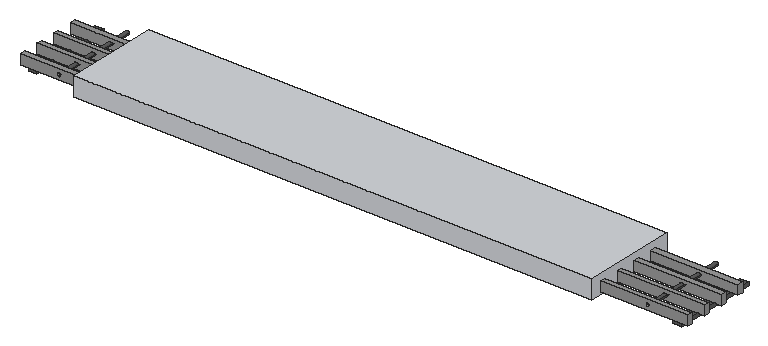
Revit family "1212-4, Veneer", category Generic Models, host Face, Revit 2020
Family settings
  Host = Face
  Can host rebar = No
  Round Connector Dimension = Use Diameter
  Part Type = Normal
  Cut with Voids When Loaded = No
  Shared = No
  Room Calculation Point = No
Parameters
  min_value [instance] = 1' - 11 1/4"  # constant formula
  max_value [instance] = 9' - 11 1/4"  # constant formula
  actual_value [instance] = if(NET LENGTH < min_value, min_value, if(NET LENGTH > max_value, max_value, NET LENGTH))  # 7' - 11 1/4"
  NET LENGTH [instance] = 7' - 11 1/4"
  IMPORTANT NOTE!!!                                                                             *Backer & dowel layout is for visualization purposes only, final layout to be determined by 9Wood. [instance] = ""
  Default Elevation = 4' - 0"
  DOWEL RADIUS [instance] = 0' - 0 1/4"  # constant formula
  BACKING M MATERIAL [instance] = BLACK-BACKERS
  .. MEMBER WIDTH [instance] = 0' - 0 3/4"  # constant formula
  .. MEMBER MATERIAL [instance] = Veneer Cherry
  .. MEMBER DEPTH [instance] = 0' - 1 3/8"  # constant formula
  .. MEMBER COUNT [instance] = 4  # constant formula
Reference planes (in)
  plane 1 "Center (Front/Back)": y = 0
  plane 2: z = 2.726
  plane 3 "Center (Left/Right)": x = 0
Forms (in)
  Extrusion 1, solid
    sketch origin (15, -0.86619, -0.99308) x (0, 1, 0) y (-1, 0, 0)
      loop
        line (3.42869, -23.66817) -> (3.42869, 50.25) -> (-10, 50.25) -> (-10, -23.66817) -> (3.42869, -23.66817)
    from 3.71908 to 1.00111
Dimensions and locks (in)
  aligned and locked: plane 2 to Extrusion 1
Nested families (in)
  nested 1: "1200 Series" at (-44, -2, 1.87867), NET LENGTH <- "actual_value", DOWEL RADII <- "DOWEL RADIUS", .. MEMBER WIDTH <- ".. MEMBER WIDTH", .. MEMBER DEPTH <- ".. MEMBER DEPTH", .. MEMBER MATERIAL <- ".. MEMBER MATERIAL", BACKING M MATERIAL <- "BACKING M MATERIAL", .. MEMBER COUNT <- ".. MEMBER COUNT", type "1200 Series"
    with X 7' - 4", WIDTH 1' - 0 1/16", Space 0' - 0 11/16", START 0' - 0 3/8", SCRIM MATERIAL SCRIM, SCRIM 3 8' - 1", SCRIM 2 0' - 0 7/8", SCRIM 1 0' - 0 3/32", SCRIM yes, NET LENGTH 7' - 11 1/4", N 8, INSET 3 0' - 0 3/16", INSET 0' - 1", INDEX 0' - 5 5/8", END BACKER yes, DOWEL RADII 0' - 0 1/4", DOWEL COUNT 8, BACKING M WIDTH 0' - 1 1/4", BACKING M MATERIAL BLACK-BACKERS, BACKING M LENGTH 0' - 11 7/8", BACKING M DEPTH 0' - 0 1/2", .. MEMBER WIDTH 0' - 0 3/4", .. MEMBER OC TYP 0' - 3", .. MEMBER MATERIAL Veneer Cherry, .. MEMBER DEPTH 0' - 1 3/8", .. MEMBER COUNT 4
Definition of nested family "1200 Series"
  Parameters (values of type "1200 Series")
    X [instance] = NET LENGTH - (0' 3 5/8" * 2)  # 6' - 2"
    WIDTH [instance] = 1' - 0 1/16"
    Space [instance] = 0' - 0 11/16"  # constant formula
    START [instance] = .. MEMBER WIDTH / 2  # 0' - 0 3/8"
    SCRIM MATERIAL [instance] = none
    SCRIM 3 [instance] = NET LENGTH + (SCRIM 2 * 2)  # 6' - 11"
    SCRIM 2 [instance] = 0' - 0 7/8"
    SCRIM 1 [instance] = 0' - 0 3/32"
    SCRIM [instance] = yes
    NET LENGTH [instance] = 6' - 9 1/4"
    N [instance] = if((X - (rounddown(X / 1' 0") * 1' 0")) > 1' 0", rounddown(X / 1' 0") + 2, rounddown(X / 1' 0") + 1)  # 7
    INSET 3 [instance] = 0' - 0 3/16"
    INSET [instance] = 0' - 1"
    INDEX [instance] = (NET LENGTH - ((N - 1) * 1' 0")) / 2  # 0' - 4 5/8"
    END BACKER [instance] = yes
    Default Elevation = 0' - 0"
    DOWEL RADII [instance] = 0' - 0 1/4"
    DOWEL COUNT [instance] = N  # 7
    BACKING M WIDTH [instance] = 0' - 1 1/4"
    BACKING M MATERIAL [instance] = none
    BACKING M LENGTH [instance] = 0' - 11 7/8"
    BACKING M DEPTH [instance] = 0' - 0 1/2"
    .. MEMBER WIDTH [instance] = 0' - 0 3/4"
    .. MEMBER OC TYP [instance] = 1' 0" / .. MEMBER COUNT  # 0' - 3"
    .. MEMBER MATERIAL [instance] = none
    .. MEMBER DEPTH [instance] = 0' - 1 3/8"
    .. MEMBER COUNT [instance] = 4
  Reference planes (in)
    plane 1 "Center (Front/Back)": y = -7.5
    plane 2: z = 0
    plane 3 "Center (Left/Right)": x = 0
    plane 4: x = 1
    plane 5: x = 4.625
    plane 6: x = 81.25
    plane 7: x = 80.25
    plane 8: x = 16.625
    plane 9: y = -7.3125
    plane 10: y = -4.125
    plane 11: y = -7.125
    plane 12: y = 4.5625
    plane 13: y = -4.5
    plane 14: y = -7.59375
    plane 15: x = 82.125
    plane 16: y = 4.65625
    plane 17: x = -0.875
    plane 18: z = -1.375
    plane 19: z = -0.6875
  Lines and regions (in)
    model lines
      curve 1: line (4.375, -7.5, -0.6875) -> (4.875, -7.5, -0.6875)
    model lines, not visible
      curve 2: line (4.625, -7.5, -0.9375) -> (4.625, -7.5, -0.4375)
      curve 3: line (4.375, -7.5, -0.6875) -> (4.875, -7.5, -0.6875)
      curve 4: line (16.625, -7.5, -0.9375) -> (16.625, -7.5, -0.4375)
      curve 5: line (16.375, -7.5, -0.6875) -> (16.875, -7.5, -0.6875)
      curve 6: line (28.625, -7.5, -0.9375) -> (28.625, -7.5, -0.4375)
      curve 7: line (28.375, -7.5, -0.6875) -> (28.875, -7.5, -0.6875)
      curve 8: line (40.625, -7.5, -0.9375) -> (40.625, -7.5, -0.4375)
      curve 9: line (40.375, -7.5, -0.6875) -> (40.875, -7.5, -0.6875)
      curve 10: line (52.625, -7.5, -0.9375) -> (52.625, -7.5, -0.4375)
      curve 11: line (52.375, -7.5, -0.6875) -> (52.875, -7.5, -0.6875)
      curve 12: line (64.625, -7.5, -0.9375) -> (64.625, -7.5, -0.4375)
      curve 13: line (64.375, -7.5, -0.6875) -> (64.875, -7.5, -0.6875)
      curve 14: line (76.625, -7.5, -0.9375) -> (76.625, -7.5, -0.4375)
      curve 15: line (76.375, -7.5, -0.6875) -> (76.875, -7.5, -0.6875)
  Dimensions and locks (in)
    "NET LENGTH": plane 3 "Center (Left/Right)" to plane 6
    "INSET": plane 7 to plane 6
    "INDEX": plane 3 "Center (Left/Right)" to plane 5
    plane 5 to plane 8 = 1' - 0"
    "INSET 3": plane 1 "Center (Front/Back)" to plane 9
    equal spacing: group 1, group 2, group 3, group 4  (x3)
    "START": plane 11 to plane 1 "Center (Front/Back)"
    ".. MEMBER OC TYP": plane 10 to plane 11
    "WIDTH": plane 12 to plane 1 "Center (Front/Back)"
    "START": plane 10 to plane 13
    "SCRIM 1": plane 14 to plane 1 "Center (Front/Back)"
    "SCRIM 2": plane 6 to plane 15
    "SCRIM 1": plane 12 to plane 16
    "SCRIM 2": plane 17 to plane 3 "Center (Left/Right)"
    "INSET": plane 3 "Center (Left/Right)" to plane 4
    equal spacing: group 5, group 6, group 7, group 8, group 9, group 10, group 11  (x3)
    "Space": plane 19 to plane 18
    aligned and locked: level to plane 2
    aligned and locked: nested 1 to plane 4  (x2)
    aligned and locked: plane 7 to nested 2
    aligned and locked: plane 5 to nested 3
    aligned and locked: nested 1 to plane 9
    aligned and locked: plane 1 "Center (Front/Back)" to nested 4
    aligned and locked: plane 9 to nested 2
    aligned and locked: plane 13 to nested 5
    aligned and locked: nested 3 to plane 9
    aligned and locked: plane 18 to nested 1
    aligned and locked: plane 19 to nested 3
    aligned and locked: curve 1 to plane 19
    aligned and locked: plane 8 to curve 4
    aligned and locked: curve 5 to plane 19
    aligned and locked: nested 4 to plane 18
  Automatic sketch dimensions
    curve 1 to curve 1 = 0' - 0 1/2"
    curve 1 to plane 5 = 0' - 0 1/4"
    plane 5 to curve 1 = 0' - 0 1/4"
    curve 3 to curve 2 = 0' - 0 1/4"  (x2)
    curve 2 to curve 3 = 0' - 0 1/4"  (x2)
    curve 5 to curve 4 = 0' - 0 1/4"  (x2)
    curve 4 to curve 5 = 0' - 0 1/4"  (x2)
    curve 7 to curve 6 = 0' - 0 1/4"  (x2)
    curve 6 to curve 7 = 0' - 0 1/4"  (x2)
    curve 9 to curve 8 = 0' - 0 1/4"  (x2)
    curve 8 to curve 9 = 0' - 0 1/4"  (x2)
    curve 11 to curve 10 = 0' - 0 1/4"  (x2)
    curve 10 to curve 11 = 0' - 0 1/4"  (x2)
    curve 13 to curve 12 = 0' - 0 1/4"  (x2)
    curve 12 to curve 13 = 0' - 0 1/4"  (x2)
    curve 15 to curve 14 = 0' - 0 1/4"  (x2)
    curve 14 to curve 15 = 0' - 0 1/4"  (x2)
  Nested families (in)
    nested 1: "INSTANCE - 2ND -  EXTEND SIDE H CENTER W - Parametric Cube" at (1, -1.375, -1.375) x (0, -1, 0) z (0, 0, 1), Width <- "BACKING M LENGTH", Length <- "BACKING M WIDTH", Material <- "BACKING M MATERIAL", Height <- "BACKING M DEPTH", visible <- "END BACKER", type "INSTANCE - 2ND -  EXTEND SIDE H CENTER W - Parametric Cube"
      with Width 0' - 11 7/8", Material none, Length 0' - 1 1/4", Height 0' - 0 1/2"
    nested 2: "INSTANCE - 2ND -  EXTEND SIDE H CENTER W - Parametric Cube" at (80.25, -1.375, -1.375) x (0, -1, 0) z (0, 0, 1), Width <- "BACKING M LENGTH", Length <- "BACKING M WIDTH", Material <- "BACKING M MATERIAL", Height <- "BACKING M DEPTH", visible <- "END BACKER", type "INSTANCE - 2ND -  EXTEND SIDE H CENTER W - Parametric Cube"
      with Width 0' - 11 7/8", Material none, Length 0' - 1 1/4", Height 0' - 0 1/2"
    nested 3: "Family3" at (-5.375, -7.3125, -0.6875), DOWEL RADII <- "DOWEL RADII", BACKING MEM MATERIAL <- "BACKING M MATERIAL", type "Family3"
      with DOWEL RADII 0' - 0 1/4", DOWEL LENGTH 0' - 11 7/8", BACKING MEM MATERIAL none
    nested 4: "HOLED MEMBER" at (0, -18.75, 6.19404), DOWEL RADII <- "DOWEL RADII", .. MEMBER LENGTH <- "NET LENGTH", DOWEL COUNT <- "DOWEL COUNT", DEPTH <- ".. MEMBER DEPTH", .. MEMBER WIDTH <- ".. MEMBER WIDTH", Material <- ".. MEMBER MATERIAL", DOWEL INDEX <- "INDEX", Space 2 <- "Space", type "HOLED MEMBER"
      with Width 0' - 6", Space 2 0' - 0 11/16", Material none, Length 1' - 0", Height 0' - 10.43096", DOWEL RADII 0' - 0 1/4", DOWEL OC DIST 1' - 0", DOWEL INDEX 0' - 4 5/8", DOWEL COUNT 7, DEPTH 0' - 1 3/8", .. MEMBER WIDTH 0' - 0 3/4", .. MEMBER LENGTH 6' - 9 1/4"
    nested 5: "HOLED MEMBER" at (0, -15.75, 6.19404), DOWEL RADII <- "DOWEL RADII", .. MEMBER LENGTH <- "NET LENGTH", DOWEL COUNT <- "DOWEL COUNT", DEPTH <- ".. MEMBER DEPTH", .. MEMBER WIDTH <- ".. MEMBER WIDTH", Material <- ".. MEMBER MATERIAL", DOWEL INDEX <- "INDEX", Space 2 <- "Space", type "HOLED MEMBER"
      with Width 0' - 6", Space 2 0' - 0 11/16", Material none, Length 1' - 0", Height 0' - 10.43096", DOWEL RADII 0' - 0 1/4", DOWEL OC DIST 1' - 0", DOWEL INDEX 0' - 4 5/8", DOWEL COUNT 7, DEPTH 0' - 1 3/8", .. MEMBER WIDTH 0' - 0 3/4", .. MEMBER LENGTH 6' - 9 1/4"
    nested 6: "HOLED MEMBER" at (0, -12.75, 6.19404), DOWEL RADII <- "DOWEL RADII", .. MEMBER LENGTH <- "NET LENGTH", DOWEL COUNT <- "DOWEL COUNT", DEPTH <- ".. MEMBER DEPTH", .. MEMBER WIDTH <- ".. MEMBER WIDTH", Material <- ".. MEMBER MATERIAL", DOWEL INDEX <- "INDEX", Space 2 <- "Space", type "HOLED MEMBER"
      with Width 0' - 6", Space 2 0' - 0 11/16", Material none, Length 1' - 0", Height 0' - 10.43096", DOWEL RADII 0' - 0 1/4", DOWEL OC DIST 1' - 0", DOWEL INDEX 0' - 4 5/8", DOWEL COUNT 7, DEPTH 0' - 1 3/8", .. MEMBER WIDTH 0' - 0 3/4", .. MEMBER LENGTH 6' - 9 1/4"
    nested 7: "HOLED MEMBER" at (0, -9.75, 6.19404), DOWEL RADII <- "DOWEL RADII", .. MEMBER LENGTH <- "NET LENGTH", DOWEL COUNT <- "DOWEL COUNT", DEPTH <- ".. MEMBER DEPTH", .. MEMBER WIDTH <- ".. MEMBER WIDTH", Material <- ".. MEMBER MATERIAL", DOWEL INDEX <- "INDEX", Space 2 <- "Space", type "HOLED MEMBER"
      with Width 0' - 6", Space 2 0' - 0 11/16", Material none, Length 1' - 0", Height 0' - 10.43096", DOWEL RADII 0' - 0 1/4", DOWEL OC DIST 1' - 0", DOWEL INDEX 0' - 4 5/8", DOWEL COUNT 7, DEPTH 0' - 1 3/8", .. MEMBER WIDTH 0' - 0 3/4", .. MEMBER LENGTH 6' - 9 1/4"
    nested 8: "Family3" at (6.625, -7.3125, -0.6875), DOWEL RADII <- "DOWEL RADII", BACKING MEM MATERIAL <- "BACKING M MATERIAL", type "Family3"
      with DOWEL RADII 0' - 0 1/4", DOWEL LENGTH 0' - 11 7/8", BACKING MEM MATERIAL none
    nested 9: "Family3" at (18.625, -7.3125, -0.6875), DOWEL RADII <- "DOWEL RADII", BACKING MEM MATERIAL <- "BACKING M MATERIAL", type "Family3"
      with DOWEL RADII 0' - 0 1/4", DOWEL LENGTH 0' - 11 7/8", BACKING MEM MATERIAL none
    nested 10: "Family3" at (30.625, -7.3125, -0.6875), DOWEL RADII <- "DOWEL RADII", BACKING MEM MATERIAL <- "BACKING M MATERIAL", type "Family3"
      with DOWEL RADII 0' - 0 1/4", DOWEL LENGTH 0' - 11 7/8", BACKING MEM MATERIAL none
    nested 11: "Family3" at (42.625, -7.3125, -0.6875), DOWEL RADII <- "DOWEL RADII", BACKING MEM MATERIAL <- "BACKING M MATERIAL", type "Family3"
      with DOWEL RADII 0' - 0 1/4", DOWEL LENGTH 0' - 11 7/8", BACKING MEM MATERIAL none
    nested 12: "Family3" at (54.625, -7.3125, -0.6875), DOWEL RADII <- "DOWEL RADII", BACKING MEM MATERIAL <- "BACKING M MATERIAL", type "Family3"
      with DOWEL RADII 0' - 0 1/4", DOWEL LENGTH 0' - 11 7/8", BACKING MEM MATERIAL none
    nested 13: "Family3" at (66.625, -7.3125, -0.6875), DOWEL RADII <- "DOWEL RADII", BACKING MEM MATERIAL <- "BACKING M MATERIAL", type "Family3"
      with DOWEL RADII 0' - 0 1/4", DOWEL LENGTH 0' - 11 7/8", BACKING MEM MATERIAL none
  Definition of nested family "INSTANCE - 2ND -  EXTEND SIDE H CENTER W - Parametric Cube"
    Parameters (values of type "INSTANCE - 2ND -  EXTEND SIDE H CENTER W - Parametric Cube")
      Width [instance] = 0' - 6"
      Material [instance] = none
      Length [instance] = 1' - 0"
      Height [instance] = 1' - 6"
      Default Elevation = 0' - 0"
    Reference planes (in)
      plane 1 "Center (Front/Back)": y = 0
      plane 2: z = 0
      plane 3 "Center (Left/Right)": x = 0
      plane 4: x = -3
      plane 5: x = 3
      plane 6: y = 12
      plane 7: z = -18
    Forms (in)
      Extrusion 1, solid, material <- "Material"
        sketch origin (0, 6, 0) x (1, 0, 0) y (0, 1, 0)
          loop
            line (-3, 6) -> (-3, -6) -> (3, -6) -> (3, 6) -> (-3, 6)
        from -18 to 0
    Dimensions and locks (in)
      equal spacing: plane 4, plane 3 "Center (Left/Right)", plane 5
      "Width": plane 4 to plane 5
      "Height": plane 7 to level
      "Length": plane 1 "Center (Front/Back)" to plane 6
      aligned and locked: plane 2 to level
      aligned and locked: plane 4 to Extrusion 1 sketch curve
      aligned and locked: Extrusion 1 sketch curve to plane 5
      aligned and locked: Extrusion 1 to plane 7
      aligned and locked: plane 6 to Extrusion 1
    Automatic sketch dimensions
      plane 1 "Center (Front/Back)" to Extrusion 1 sketch curve = 0' - 0"
      plane 6 to Extrusion 1 sketch curve = 0' - 0"
  Definition of nested family "Family3"
    Parameters (values of type "Family3")
      Default Elevation = 0' - 0"
      DOWEL RADII [instance] = 0' - 0 5/8"
      DOWEL LENGTH [instance] = 0' - 5"
      BACKING MEM MATERIAL [instance] = none
    Reference planes (in)
      plane 1 "Center (Front/Back)": y = 0
      plane 2: z = 0
      plane 3 "Center (Left/Right)": x = 0
      plane 4: y = 5
    Forms (in)
      Extrusion 1, solid, material <- "BACKING MEM MATERIAL"
        sketch origin (10, 0, 0) x (1, 0, 0) y (0, 0, 1)
          loop
            circle (0, 0) r 0.625
        from 0 to -5
      Extrusion 2, solid, not visible
        sketch origin (0, 0, 0) x (1, 0, 0) y (0, 0, 1)
          loop
            circle (0, 0) r 0.625
        from 0 to 12
      Extrusion 3, solid, not visible
        sketch origin (10, 0, 0) x (1, 0, 0) y (0, 0, 1)
          loop
            circle (0, 0) r 0.625
        from 0 to 2.5
      Extrusion 4, solid, not visible
        sketch origin (10, 0, 0) x (1, 0, 0) y (0, 0, 1)
          loop
            circle (0, 0) r 0.625
        from 0 to -12
    Lines and regions (in)
      model lines, not visible
        curve 1: line (-13, 0, 0) -> (-13, -12, 0)
        curve 2: line (13, 0, 0) -> (13, -12, 0)
        curve 3: line (9.89453, 0, 0) -> (10.08794, 0, 0)
        curve 4: line (9.89453, -2.5, 0) -> (10.08794, -2.5, 0)
        curve 6: line (10, 0, 0) -> (10, 2, 0)
      model lines
        curve 5: line (10, 0, 0) -> (10, 2, 0)
    Dimensions and locks (in)
      "DOWEL LENGTH": plane 1 "Center (Front/Back)" to plane 4
      "DOWEL RADII": radius of Extrusion 1 sketch curve
      "DOWEL RADII": radius of Extrusion 2 sketch curve
      "DOWEL RADII": radius of Extrusion 3 sketch curve
      "DOWEL RADII": radius of Extrusion 4 sketch curve
      "DOWEL RADII": radius of Extrusion 1
      aligned and locked: plane 2 to level
      aligned and locked: Extrusion 1 to plane 1 "Center (Front/Back)"  (x3)
      aligned and locked: plane 1 "Center (Front/Back)" to Extrusion 1
      aligned and locked: plane 4 to Extrusion 1
    Automatic sketch dimensions
      plane 1 "Center (Front/Back)" to curve 5 = 0' - 0"
      curve 5 to plane 1 "Center (Front/Back)" = 0' - 2"
      plane 3 "Center (Left/Right)" to curve 5 = 0' - 10"
      Extrusion 1 sketch curve to level = 0' - 0"
      plane 3 "Center (Left/Right)" to Extrusion 1 sketch curve = 0' - 10"
  Definition of nested family "HOLED MEMBER"
    Parameters (values of type "HOLED MEMBER")
      Width [instance] = 0' - 6"
      Space 2 [instance] = 0' - 0 5/8"
      Space = 0' - 0 5/8"
      Material [instance] = none
      Length [instance] = 1' - 0"
      Height [instance] = 0' - 10.43096"
      Default Elevation = 0' - 0"
      DOWEL RADII [instance] = 0' - 0.34537"
      DOWEL OC DIST [instance] = 1' - 0"
      DOWEL INSET = 0' - 0 5/8"
      DOWEL INDEX [instance] = 0' - 5 5/8"
      DOWEL COUNT [instance] = 6
      DEPTH [instance] = 0' - 2"
      .. MEMBER WIDTH [instance] = 0' - 0 5/8"
      .. MEMBER LENGTH [instance] = 5' - 11 3/4"
    Reference planes (in)
      plane 1 "Center (Front/Back)": y = 12
      plane 2: z = -7.56904
      plane 3 "Center (Left/Right)": x = 0
      plane 4: x = 5.625
      plane 5: x = 17.625
      plane 6: y = 11.375
      plane 7: x = 71.75
      plane 8: z = -6.94404
      plane 9: z = -5.56904
    Forms (in)
      Extrusion 1, solid, material <- "Material"
        sketch origin (0, 12, -13.56904) x (1, 0, 0) y (0, 0, 1)
          loop
            line (0, 6) -> (71.75, 6) -> (71.75, 8) -> (0, 8) -> (0, 6)
        from 0.625 to 0
      Extrusion 2, void
        sketch origin (0, 12, -18.31904) x (1, 0, 0) y (0, 0, 1)
          loop
            circle (5.625, 11.375) r 0.34537
        from 0 to 12
      Extrusion 3, void, not visible
        sketch origin (0, 1.25, 0) x (1, 0, 0) y (0, 1, 0)
          loop
            circle (5.625, 11.375) r 0.34537
        from 0 to 12
      Extrusion 4, void, not visible
        sketch origin (0, 1.25, 0) x (1, 0, 0) y (0, 1, 0)
          loop
            circle (5.625, 11.375) r 0.34537
        from 0 to 12
      Extrusion 5, void, not visible
        sketch origin (12, 1.25, 0) x (1, 0, 0) y (0, 1, 0)
          loop
            circle (5.625, 11.375) r 0.34537
        from 0 to 12
      Extrusion 6, void, not visible
        sketch origin (0, 12, -16.31904) x (1, 0, 0) y (0, 0, 1)
          loop
            circle (5.625, 11.375) r 0.34537
        from 0 to 12
      Extrusion 7, void, not visible
        sketch origin (12, 12, -16.31904) x (1, 0, 0) y (0, 0, 1)
          loop
            circle (5.625, 11.375) r 0.34537
        from 0 to 12
      Extrusion 8, void, not visible
        sketch origin (0, 12, -18.31904) x (1, 0, 0) y (0, 0, 1)
          loop
            circle (5.625, 11.375) r 0.34537
        from 0 to 12
      Extrusion 9, void
        sketch origin (12, 12, -18.31904) x (1, 0, 0) y (0, 0, 1)
          loop
            circle (5.625, 11.375) r 0.34537
        from 0 to 12
      Extrusion 10, void, not visible
        sketch origin (24, 12, -16.31904) x (1, 0, 0) y (0, 0, 1)
          loop
            circle (5.625, 11.375) r 0.34537
        from 0 to 12
      Extrusion 11, void, not visible
        sketch origin (36, 12, -16.31904) x (1, 0, 0) y (0, 0, 1)
          loop
            circle (5.625, 11.375) r 0.34537
        from 0 to 12
      Extrusion 12, void, not visible
        sketch origin (48, 12, -16.31904) x (1, 0, 0) y (0, 0, 1)
          loop
            circle (5.625, 11.375) r 0.34537
        from 0 to 12
      Extrusion 13, void, not visible
        sketch origin (60, 12, -16.31904) x (1, 0, 0) y (0, 0, 1)
          loop
            circle (5.625, 11.375) r 0.34537
        from 0 to 12
      Extrusion 14, void, not visible
        sketch origin (24, 1.25, 0) x (1, 0, 0) y (0, 1, 0)
          loop
            circle (5.625, 11.375) r 0.34537
        from 0 to 12
      Extrusion 15, void, not visible
        sketch origin (36, 1.25, 0) x (1, 0, 0) y (0, 1, 0)
          loop
            circle (5.625, 11.375) r 0.34537
        from 0 to 12
      Extrusion 16, void, not visible
        sketch origin (48, 1.25, 0) x (1, 0, 0) y (0, 1, 0)
          loop
            circle (5.625, 11.375) r 0.34537
        from 0 to 12
      Extrusion 17, void, not visible
        sketch origin (60, 1.25, 0) x (1, 0, 0) y (0, 1, 0)
          loop
            circle (5.625, 11.375) r 0.34537
        from 0 to 12
      Extrusion 18, void
        sketch origin (24, 12, -18.31904) x (1, 0, 0) y (0, 0, 1)
          loop
            circle (5.625, 11.375) r 0.34537
        from 0 to 12
      Extrusion 19, void
        sketch origin (36, 12, -18.31904) x (1, 0, 0) y (0, 0, 1)
          loop
            circle (5.625, 11.375) r 0.34537
        from 0 to 12
      Extrusion 20, void
        sketch origin (48, 12, -18.31904) x (1, 0, 0) y (0, 0, 1)
          loop
            circle (5.625, 11.375) r 0.34537
        from 0 to 12
      Extrusion 21, void
        sketch origin (60, 12, -18.31904) x (1, 0, 0) y (0, 0, 1)
          loop
            circle (5.625, 11.375) r 0.34537
        from 0 to 12
    Cuts and joins
      Extrusion 2, Extrusion 9, Extrusion 18, Extrusion 19, Extrusion 20, Extrusion 21 cuts Extrusion 1
    Lines and regions (in)
      model lines, not visible
        curve 1: line (5.625, 11.72037, 0) -> (5.625, 11.02963, 0)
        curve 2: line (5.625, 11.72037, 0) -> (5.625, 11.02963, 0)
        curve 3: line (17.625, 11.72037, 0) -> (17.625, 11.02963, 0)
        curve 4: line (5.625, 12, -7.56904) -> (5.625, 11.87317, -7.56904)
        curve 5: line (5.625, 11.87317, -7.56904) -> (5.06195, 11.87317, -7.56904)
        curve 6: line (5.06195, 11.87317, -7.56904) -> (5.27963, 11.375, -7.56904)
        curve 7: line (0, 12, -6.19404) -> (0, 11.61951, -6.19404)
        curve 8: line (0, 11.375, -8.19404) -> (0, 11.6747, -8.19404)
        curve 9: line (5.625, 12, -7.56904) -> (5.625, 11.69863, -7.56904)
        curve 11: line (5.625, 12, 0) -> (5.625, 12, 0.30137)
        curve 12: line (5.625, 12, 0) -> (5.625, 12, 0.30137)
        curve 13: line (17.625, 12, 0) -> (17.625, 12, 0.30137)
        curve 14: line (5.625, 12, -5.56904) -> (5.625, 11.69863, -5.56904)
        curve 15: line (17.625, 12, -5.56904) -> (17.625, 11.69863, -5.56904)
        curve 16: line (5.625, 12, -7.56904) -> (5.625, 11.69863, -7.56904)
        curve 18: line (29.625, 12, -5.56904) -> (29.625, 11.69863, -5.56904)
        curve 19: line (41.625, 12, -5.56904) -> (41.625, 11.69863, -5.56904)
        curve 20: line (53.625, 12, -5.56904) -> (53.625, 11.69863, -5.56904)
        curve 21: line (65.625, 12, -5.56904) -> (65.625, 11.69863, -5.56904)
        curve 22: line (29.625, 11.72037, 0) -> (29.625, 11.02963, 0)
        curve 23: line (29.625, 12, 0) -> (29.625, 12, 0.30137)
        curve 24: line (41.625, 11.72037, 0) -> (41.625, 11.02963, 0)
        curve 25: line (41.625, 12, 0) -> (41.625, 12, 0.30137)
        curve 26: line (53.625, 11.72037, 0) -> (53.625, 11.02963, 0)
        curve 27: line (53.625, 12, 0) -> (53.625, 12, 0.30137)
        curve 28: line (65.625, 11.72037, 0) -> (65.625, 11.02963, 0)
        curve 29: line (65.625, 12, 0) -> (65.625, 12, 0.30137)
        curve 35: line (5.27963, 12.625, 0) -> (5.97037, 12.625, 0)
        curve 36: line (5.27963, 12.625, 0) -> (5.97037, 12.625, 0)
        curve 37: line (17.27963, 12.625, 0) -> (17.97037, 12.625, 0)
        curve 38: line (5.27963, 12, -4.94404) -> (5.97037, 12, -4.94404)
        curve 39: line (17.27963, 12, -4.94404) -> (17.97037, 12, -4.94404)
        curve 40: line (5.27963, 12, -6.94404) -> (5.97037, 12, -6.94404)
        curve 42: line (29.27963, 12, -4.94404) -> (29.97037, 12, -4.94404)
        curve 43: line (41.27963, 12, -4.94404) -> (41.97037, 12, -4.94404)
        curve 44: line (53.27963, 12, -4.94404) -> (53.97037, 12, -4.94404)
        curve 45: line (65.27963, 12, -4.94404) -> (65.97037, 12, -4.94404)
        curve 46: line (29.27963, 12.625, 0) -> (29.97037, 12.625, 0)
        curve 47: line (41.27963, 12.625, 0) -> (41.97037, 12.625, 0)
        curve 48: line (53.27963, 12.625, 0) -> (53.97037, 12.625, 0)
        curve 49: line (65.27963, 12.625, 0) -> (65.97037, 12.625, 0)
        curve 54: line (0, 12, -6.94404) -> (0, 4.22059, -6.94404)
        curve 55: line (0, 12.625, 0) -> (0, 12.625, 7.77941)
        curve 56: line (0, 12.625, 0) -> (0, 12.625, 7.77941)
        curve 57: line (12, 12.625, 0) -> (12, 12.625, 7.77941)
        curve 58: line (0, 12, -4.94404) -> (0, 4.22059, -4.94404)
        curve 59: line (12, 12, -4.94404) -> (12, 4.22059, -4.94404)
        curve 60: line (0, 12, -6.94404) -> (0, 4.22059, -6.94404)
        curve 61: line (12, 12, -6.94404) -> (12, 4.22059, -6.94404)
        curve 62: line (24, 12, -4.94404) -> (24, 4.22059, -4.94404)
        curve 63: line (36, 12, -4.94404) -> (36, 4.22059, -4.94404)
        curve 64: line (48, 12, -4.94404) -> (48, 4.22059, -4.94404)
        curve 65: line (60, 12, -4.94404) -> (60, 4.22059, -4.94404)
        curve 66: line (24, 12.625, 0) -> (24, 12.625, 7.77941)
        curve 67: line (36, 12.625, 0) -> (36, 12.625, 7.77941)
        curve 68: line (48, 12.625, 0) -> (48, 12.625, 7.77941)
        curve 69: line (60, 12.625, 0) -> (60, 12.625, 7.77941)
        curve 70: line (24, 12, -6.94404) -> (24, 4.22059, -6.94404)
        curve 71: line (36, 12, -6.94404) -> (36, 4.22059, -6.94404)
        curve 72: line (48, 12, -6.94404) -> (48, 4.22059, -6.94404)
        curve 73: line (60, 12, -6.94404) -> (60, 4.22059, -6.94404)
      model lines
        curve 10: line (5.625, 12, -7.56904) -> (5.625, 11.69863, -7.56904)
        curve 17: line (17.625, 12, -7.56904) -> (17.625, 11.69863, -7.56904)
        curve 30: line (29.625, 12, -7.56904) -> (29.625, 11.69863, -7.56904)
        curve 31: line (41.625, 12, -7.56904) -> (41.625, 11.69863, -7.56904)
        curve 32: line (53.625, 12, -7.56904) -> (53.625, 11.69863, -7.56904)
        curve 33: line (65.625, 12, -7.56904) -> (65.625, 11.69863, -7.56904)
        curve 34: line (5.27963, 12, -6.94404) -> (5.97037, 12, -6.94404)
        curve 41: line (17.27963, 12, -6.94404) -> (17.97037, 12, -6.94404)
        curve 50: line (29.27963, 12, -6.94404) -> (29.97037, 12, -6.94404)
        curve 51: line (41.27963, 12, -6.94404) -> (41.97037, 12, -6.94404)
        curve 52: line (53.27963, 12, -6.94404) -> (53.97037, 12, -6.94404)
        curve 53: line (65.27963, 12, -6.94404) -> (65.97037, 12, -6.94404)
    Dimensions and locks (in)
      "DOWEL INDEX": plane 3 "Center (Left/Right)" to plane 4
      "DOWEL OC DIST": plane 4 to plane 5
      ".. MEMBER LENGTH": plane 3 "Center (Left/Right)" to plane 7
      equal spacing: group 3, group 4, group 17, group 18, group 19, group 20  (x3)
      equal spacing: group 7, group 8, group 13, group 14, group 15, group 16  (x3)
      equal spacing: group 1, group 12, group 21, group 22, group 23, group 24  (x3)
      ".. MEMBER WIDTH": plane 6 to plane 1 "Center (Front/Back)"
      "DEPTH": plane 9 to level
      "Space 2": plane 8 to level
      "DOWEL RADII": radius of Extrusion 2 sketch curve
      "DOWEL RADII": radius of Extrusion 3 sketch curve
      "DOWEL RADII": radius of Extrusion 4 sketch curve
      "DOWEL RADII": radius of Extrusion 5 sketch curve
      "DOWEL RADII": radius of Extrusion 6 sketch curve
      "DOWEL RADII": radius of Extrusion 7 sketch curve
      "DOWEL RADII": radius of Extrusion 8 sketch curve
      "DOWEL RADII": radius of Extrusion 9 sketch curve
      "DOWEL RADII": radius of Extrusion 10 sketch curve
      "DOWEL RADII": radius of Extrusion 11 sketch curve
      "DOWEL RADII": radius of Extrusion 12 sketch curve
      "DOWEL RADII": radius of Extrusion 13 sketch curve
      "DOWEL RADII": radius of Extrusion 14 sketch curve
      "DOWEL RADII": radius of Extrusion 15 sketch curve
      "DOWEL RADII": radius of Extrusion 16 sketch curve
      "DOWEL RADII": radius of Extrusion 17 sketch curve
      "DOWEL RADII": radius of Extrusion 18 sketch curve
      "DOWEL RADII": radius of Extrusion 19 sketch curve
      "DOWEL RADII": radius of Extrusion 20 sketch curve
      "DOWEL RADII": radius of Extrusion 21 sketch curve
      aligned and locked: level to plane 2
      aligned and locked: Extrusion 1 to plane 3 "Center (Left/Right)"  (x2)
      aligned and locked: plane 7 to cut or joined group of Extrusion 1, Extrusion 2, Extrusion 9, Extrusion 18, Extrusion 19, Extrusion 20, Extrusion 21  (x2)
      aligned and locked: cut or joined group of Extrusion 1, Extrusion 2, Extrusion 9, Extrusion 18, Extrusion 19, Extrusion 20, Extrusion 21 to plane 1 "Center (Front/Back)"  (x2)
      aligned and locked: cut or joined group of Extrusion 1, Extrusion 2, Extrusion 9, Extrusion 18, Extrusion 19, Extrusion 20, Extrusion 21 to plane 6  (x2)
      aligned and locked: plane 4 to curve 10
      aligned and locked: plane 5 to curve 17
      aligned and locked: plane 9 to cut or joined group of Extrusion 1, Extrusion 2, Extrusion 9, Extrusion 18, Extrusion 19, Extrusion 20, Extrusion 21  (x2)
      aligned and locked: cut or joined group of Extrusion 1, Extrusion 2, Extrusion 9, Extrusion 18, Extrusion 19, Extrusion 20, Extrusion 21 to level
      aligned and locked: plane 8 to Extrusion 2
      aligned and locked: curve 34 to plane 8
      aligned and locked: curve 41 to plane 8
      aligned and locked: level to curve 10
      aligned and locked: curve 10 to level
      aligned and locked: plane 8 to cut or joined group of Extrusion 1, Extrusion 2, Extrusion 9, Extrusion 18, Extrusion 19, Extrusion 20, Extrusion 21
      aligned and locked: curve 54 to plane 8
    Automatic sketch dimensions
      curve 1 to curve 1 = 0' - 0.69074"
      curve 2 to curve 2 = 0' - 0.69074"
      curve 3 to curve 3 = 0' - 0.69074"
      Extrusion 1 sketch curve to plane 3 "Center (Left/Right)" = 0' - 0"
      Extrusion 1 sketch curve to plane 7 = 0' - 0"
      Extrusion 1 sketch curve to Extrusion 1 sketch curve = 0' - 2"
      level to Extrusion 1 sketch curve = 0' - 0"
      curve 9 to curve 9 = 0' - 0.30137"
      curve 10 to curve 10 = 0' - 0.30137"
      curve 11 to curve 11 = 0' - 0.30137"
      curve 12 to curve 12 = 0' - 0.30137"
      curve 13 to curve 13 = 0' - 0.30137"
      curve 14 to curve 14 = 0' - 0.30137"
      curve 15 to curve 15 = 0' - 0.30137"
      curve 16 to curve 16 = 0' - 0.30137"
      curve 17 to curve 17 = 0' - 0.30137"
      curve 18 to curve 18 = 0' - 0.30137"
      curve 19 to curve 19 = 0' - 0.30137"
      curve 20 to curve 20 = 0' - 0.30137"
      curve 21 to curve 21 = 0' - 0.30137"
      curve 22 to curve 22 = 0' - 0.69074"
      curve 23 to curve 23 = 0' - 0.30137"
      curve 24 to curve 24 = 0' - 0.69074"
      curve 25 to curve 25 = 0' - 0.30137"
      curve 26 to curve 26 = 0' - 0.69074"
      curve 27 to curve 27 = 0' - 0.30137"
      curve 28 to curve 28 = 0' - 0.69074"
      curve 29 to curve 29 = 0' - 0.30137"
      curve 30 to curve 30 = 0' - 0.30137"
      curve 31 to curve 31 = 0' - 0.30137"
      curve 32 to curve 32 = 0' - 0.30137"
      curve 33 to curve 33 = 0' - 0.30137"
      curve 34 to curve 34 = 0' - 0.69074"
      curve 35 to curve 35 = 0' - 0.69074"
      curve 36 to curve 36 = 0' - 0.69074"
      curve 37 to curve 37 = 0' - 0.69074"
      curve 38 to curve 38 = 0' - 0.69074"
      curve 39 to curve 39 = 0' - 0.69074"
      curve 40 to curve 40 = 0' - 0.69074"
      curve 41 to curve 41 = 0' - 0.69074"
      curve 42 to curve 42 = 0' - 0.69074"
      curve 43 to curve 43 = 0' - 0.69074"
      curve 44 to curve 44 = 0' - 0.69074"
      curve 45 to curve 45 = 0' - 0.69074"
      curve 46 to curve 46 = 0' - 0.69074"
      curve 47 to curve 47 = 0' - 0.69074"
      curve 48 to curve 48 = 0' - 0.69074"
      curve 49 to curve 49 = 0' - 0.69074"
      curve 50 to curve 50 = 0' - 0.69074"
      curve 51 to curve 51 = 0' - 0.69074"
      curve 52 to curve 52 = 0' - 0.69074"
      curve 53 to curve 53 = 0' - 0.69074"
      curve 54 to curve 54 = 0' - 7.77941"
      curve 55 to curve 55 = 0' - 7.77941"
      curve 56 to curve 56 = 0' - 7.77941"
      curve 57 to curve 57 = 0' - 7.77941"
      curve 58 to curve 58 = 0' - 7.77941"
      curve 59 to curve 59 = 0' - 7.77941"
      curve 60 to curve 60 = 0' - 7.77941"
      curve 61 to curve 61 = 0' - 7.77941"
      curve 62 to curve 62 = 0' - 7.77941"
      curve 63 to curve 63 = 0' - 7.77941"
      curve 64 to curve 64 = 0' - 7.77941"
      curve 65 to curve 65 = 0' - 7.77941"
      curve 66 to curve 66 = 0' - 7.77941"
      curve 67 to curve 67 = 0' - 7.77941"
      curve 68 to curve 68 = 0' - 7.77941"
      curve 69 to curve 69 = 0' - 7.77941"
      curve 70 to curve 70 = 0' - 7.77941"
      curve 71 to curve 71 = 0' - 7.77941"
      curve 72 to curve 72 = 0' - 7.77941"
      curve 73 to curve 73 = 0' - 7.77941"
